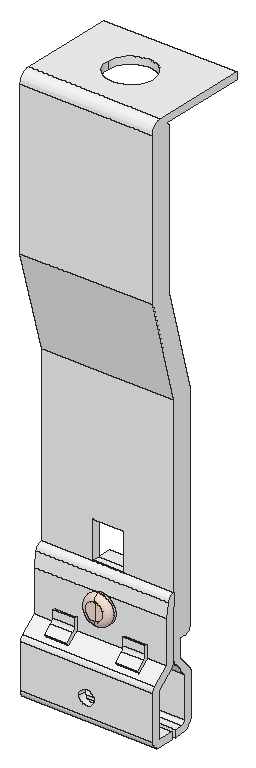
Revit family "eTバー直吊りハンガー7mm用", category 機械設備, Revit 2020
Family settings
  丸型コネクタ寸法 = 直径を使用
  種別 = なし
  パーツ タイプ = 標準
  作業面ベース = いいえ
  常に垂直 = はい
  ロード時にボイドで切り取り = いいえ
  共有 = いいえ
  部屋計算ポイント = いいえ
Parameters
  製造元 = "株式会社桐井製作所"
  既定の高さ = 0 mm
  URL = "https://www.kirii.co.jp/"
  K_材質 = "溶融亜鉛めっき鋼板及び鋼帯 SGHC 一般用"
  K_品名 = "eTバー直吊りハンガー7mm用"
  K_名称 = "ハンガー"
  K_入数 = "250"
  K_備考 = "対象Tバー：eT4025、eAT4025"
  K_バージョン情報 = "20220915"
  K_めっき付着量 = "Z12"
  K_JIS規格 = "JIS G 3302"
Reference planes
  plane 1 "中心(正面/背面)": y = 0
  plane 2: z = 0
  plane 3 "中心(左/右)": x = 0
Forms (mm)
  Extrusion 1, solid, material "05吊り材"
    sketch origin (0, 0, 0) x (0, 1, 0) y (0, 0, 1)
      loop
        line (0, 53.176) -> (-6.15, 75.176) -> (-6.15, 109.256)
        arc (-6.15, 109.256) -> (-5.857, 109.963) -> (-5.15, 110.256) r 1
        line (-5.15, 110.256) -> (16, 110.256) -> (16, 111.856) -> (-5.35, 111.856)
        arc (-5.35, 111.856) -> (-7.047, 111.153) -> (-7.75, 109.456) r 2.4
        line (-7.75, 109.456) -> (-7.75, 74.956) -> (-1.6, 52.956) -> (-1.6, 0)
        arc (-1.6, 0) -> (-1.498, -0.561) -> (-1.207, -1.051) r 1.6
        line (-1.207, -1.051) -> (1.4, -4.044) -> (1.4, -13.244)
        arc (1.4, -13.244) -> (1.166, -13.809) -> (0.6, -14.044) r 0.8
        line (0.6, -14.044) -> (-1.3, -14.044) -> (-1.3, -15.644) -> (0.6, -15.644)
        arc (0.6, -15.644) -> (2.297, -14.941) -> (3, -13.244) r 2.4
        line (3, -13.244) -> (3, -4.044)
        arc (3, -4.044) -> (2.898, -3.483) -> (2.607, -2.993) r 1.6
        line (2.607, -2.993) -> (0, 0) -> (0, 3.956) -> (0, 53.176)
    from -15 to 15
  Extrusion 2, void
    sketch origin (0, 7.6, 0) x (1, 0, 0) y (0, 0, 1)
      loop
        circle (0, -10.111) r 1.75
    from 4.6 to 6.2
  Extrusion 3, void
    sketch origin (0, 0, 0) x (1, 0, 0) y (0, 0, 1)
      loop
        circle (0, 6.373) r 2.5
    from 0 to 3.2
  Extrusion 4, void
    sketch origin (0, 0, 0) x (1, 0, 0) y (0, 0, 1)
      loop
        circle (0, -10.1) r 1.75
    from 6.038 to 7.638
  Extrusion 5, solid, material "アルミニウム"
    sketch origin (0, 0, 0) x (1, 0, 0) y (0, 0, 1)
      loop
        circle (0, 6.436) r 4.1
      loop
        circle (0, 6.436) r 2.499
    from -1.3 to 0
  Extrusion 6, solid, material "05吊り材"
    sketch origin (0, 0, 0) x (0, 1, 0) y (0, 0, 1)
      loop
        arc (-4.2, 0.973) -> (-4.302, 0.412) -> (-4.593, -0.077) r 1.6
        line (-4.593, -0.077) -> (-6.404, -1.582) -> (-5.886, -2.221) -> (-3.2, -0.044) -> (-3.2, 2.617) -> (-4.2, 2.617) -> (-4.2, 0.973)
      loop
        line (1, 0.973) -> (1, 2.617) -> (0, 2.617) -> (0, 0) -> (1.995, -2.291) -> (2.704, -1.582) -> (1.393, -0.077)
        arc (1.393, -0.077) -> (1.102, 0.412) -> (1, 0.973) r 1.6
    from 5.5 to 10.5
  Extrusion 7, solid, material "05吊り材"
    sketch origin (-16, 0, 0) x (0, 1, 0) y (0, 0, 1)
      loop
        arc (-4.2, 0.973) -> (-4.302, 0.412) -> (-4.593, -0.077) r 1.6
        line (-4.593, -0.077) -> (-6.404, -1.582) -> (-5.886, -2.221) -> (-3.2, -0.044) -> (-3.2, 2.617) -> (-4.2, 2.617) -> (-4.2, 0.973)
      loop
        line (1, 0.973) -> (1, 2.617) -> (0, 2.617) -> (0, 0) -> (1.995, -2.291) -> (2.704, -1.582) -> (1.393, -0.077)
        arc (1.393, -0.077) -> (1.102, 0.412) -> (1, 0.973) r 1.6
    from 5.5 to 10.5
  Extrusion 8, void
    sketch origin (0, 0, 0) x (1, 0, 0) y (0, 1, 0)
      loop
        circle (0, 4.75) r 5.25
    from 110.256 to 111.856
  Extrusion 9, void
    sketch origin (0, 0, 0) x (1, 0, 0) y (0, 0, 1)
      loop
        line (-3.5, 22.356) -> (-3.5, 13.956) -> (3.5, 13.956) -> (3.5, 22.356) -> (-3.5, 22.356)
    from 0 to 2.034
  Extrusion 10, solid, material "05吊り材"
    sketch origin (-15, 0, 0) x (0, 1, 0) y (0, 0, 1)
      loop
        arc (-5.15, 110.256) -> (-5.857, 109.963) -> (-6.15, 109.256) r 1
        line (-6.15, 109.256) -> (-6.15, 75.176) -> (0, 53.176) -> (0, 3.956) -> (1.3, 3.956)
        arc (1.3, 3.956) -> (2.431, 4.425) -> (2.9, 5.556) r 1.6
        line (2.9, 5.556) -> (2.9, 53.573) -> (-3.25, 75.573) -> (-3.25, 109.692)
        arc (-3.25, 109.692) -> (-3.619, 110.104) -> (-4.15, 110.256) r 1
        line (-4.15, 110.256) -> (-5.15, 110.256)
    from 0 to 1.6
  Extrusion 11, solid, material "05吊り材"
    sketch origin (13.4, 0, 0) x (0, 1, 0) y (0, 0, 1)
      loop
        arc (-5.15, 110.256) -> (-5.857, 109.963) -> (-6.15, 109.256) r 1
        line (-6.15, 109.256) -> (-6.15, 75.176) -> (0, 53.176) -> (0, 3.956) -> (1.3, 3.956)
        arc (1.3, 3.956) -> (2.431, 4.425) -> (2.9, 5.556) r 1.6
        line (2.9, 5.556) -> (2.9, 53.573) -> (-3.25, 75.573) -> (-3.25, 109.692)
        arc (-3.25, 109.692) -> (-3.619, 110.104) -> (-4.15, 110.256) r 1
        line (-4.15, 110.256) -> (-5.15, 110.256)
    from 0 to 1.6
  Extrusion 12, void
    sketch origin (0, -0.434, 0) x (1, 0, 0) y (0, 0, 1)
      loop
        line (-15, 13.956) -> (-15, 12.356) -> (-3.5, 12.356) -> (-3.5, 13.956) -> (-15, 13.956)
      loop
        line (3.5, 13.956) -> (3.5, 12.356) -> (15, 12.356) -> (15, 13.956) -> (3.5, 13.956)
    from -3.8 to 1.204
  Extrusion 13, solid, material "05吊り材"
    sketch origin (0, -0.438, 0) x (0, 1, 0) y (0, 0, 1)
      loop
        line (-1.6, 0) -> (-1.6, 9.356) -> (-1.2, 12.356) -> (3.8, 12.356) -> (3.8, 13.956) -> (-1.186, 13.956)
        arc (-1.186, 13.956) -> (-2.24, 13.56) -> (-2.772, 12.568) r 1.6
        line (-2.772, 12.568) -> (-3.2, 9.356) -> (-3.2, -0.044) -> (-6.7, -2.882)
        arc (-6.7, -2.882) -> (-7.07, -3.411) -> (-7.2, -4.044) r 1.6
        line (-7.2, -4.044) -> (-7.2, -14.044)
        arc (-7.2, -14.044) -> (-6.731, -15.175) -> (-5.6, -15.644) r 1.6
        line (-5.6, -15.644) -> (-1.9, -15.644) -> (-1.9, -14.044) -> (-5.6, -14.044) -> (-5.6, -4.044) -> (-1.993, -1.051)
        arc (-1.993, -1.051) -> (-1.702, -0.561) -> (-1.6, 0) r 1.6
    from -15 to 15
Cuts and joins
  Extrusion 2, Extrusion 3, Extrusion 4, Extrusion 8, Extrusion 9 cuts Extrusion 1
  joined: Extrusion 1, Extrusion 6, Extrusion 7, Extrusion 10, Extrusion 11
  Extrusion 4, Extrusion 12 cuts Extrusion 13
Dimensions and locks
  aligned and locked: level to plane 2
Nested families
  nested 1: "直吊りハンガー用ビス" at (0, -3.2, 6.373), type "直吊りハンガー用ビス"
Definition of nested family "直吊りハンガー用ビス"
  Parameters (values of type "直吊りハンガー用ビス")
    Manufacturer = "株式会社桐井製作所"
    Default Elevation = 0 mm
    URL = "https://www.kirii.co.jp/"
    K_名称 = "M6×25ボルト"
  Reference planes
    plane 1 "中心(正面/背面)": y = 0
    plane 2: z = 0
    plane 3 "中心(左/右)": x = 0
    plane 4 "正面": y = -5
  Forms (mm)
    Extrusion 1, solid
      sketch origin (0, 0, 0.234) x (1, 0, 0) y (0, 0, 1)
        loop
          circle (-0.011, -0.2) r 2.5
      from 0 to -5
    Revolve 2, solid
      sketch origin (0, 0, 0) x (0, 1, 0) y (0, 0, 1)
        loop
          line (0, 0) -> (-2.299, 0) -> (-2.299, -1.966)
          arc (-2.299, -1.966) -> (-1.904, -2.921) -> (-0.949, -3.316) r 1.35
          line (-0.949, -3.316) -> (0, -3.316) -> (0, 0)
        axis (0, 0) -> (-2.299, 0)
      angle from 0 to 360
  Cuts and joins
    joined: Extrusion 1, Revolve 2
  Dimensions and locks
    aligned and locked: level to plane 2
